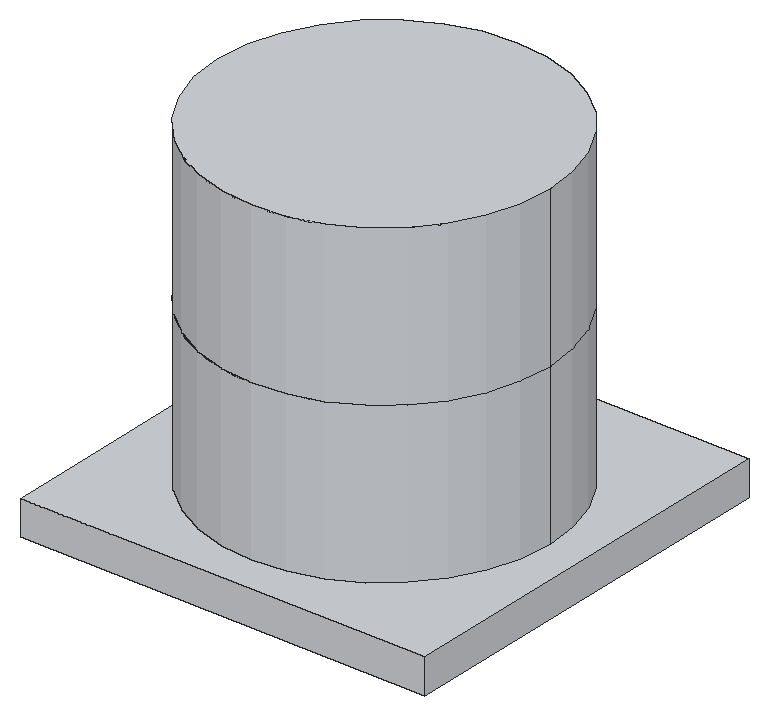
Revit family "Polyurethane Buffer 2xBumper", category Generic Models, Revit 2021
Family settings
  Can host rebar = No
  Round Connector Dimension = Use Diameter
  Part Type = Normal
  Work Plane-Based = No
  Always vertical = Yes
  Cut with Voids When Loaded = No
  Shared = No
  Room Calculation Point = No
Parameters
  LiftBuffer_RatedSpeed = 1.0 m/s
  LiftBuffer_FixedToCar = yes
  LiftBufer_ImpactMassRange = 1500
  Height to First Bumper = Base Plate Thickness + Bumper Height  # 67 mm
  Default Elevation = 0 mm
  Bumper Height = 55 mm
  Bumper Diameter = 115 mm
  Base Plate With = 140 mm
  Base Plate Thickness = 12 mm
  Base Plate Length = 140 mm
Reference planes
  plane 1 "Center (Front/Back)": y = 0
  plane 2: z = 0
  plane 3 "Center (Left/Right)": x = 0
Forms (mm)
  Extrusion 1, solid
    sketch origin (0, 0, 0) x (1, 0, 0) y (0, 1, 0)
      loop
        line (-70, 70) -> (-70, -70) -> (70, -70) -> (70, 70) -> (-70, 70)
    from 0 to 12
  Extrusion 2, solid
    sketch origin (0, 0, 0) x (1, 0, 0) y (0, 1, 0)
      loop
        circle (0, 0) r 57.5
    from 12 <- "Base Plate Thickness" to 67
  Extrusion 3, solid
    sketch origin (0, 0, 0) x (1, 0, 0) y (0, 1, 0)
      loop
        circle (0, 0) r 57.5
    from 67 <- "Height to First Bumper" to 122
Dimensions and locks
  equal spacing: Extrusion 1, plane 3 "Center (Left/Right)", Extrusion 1
  equal spacing: Extrusion 1, plane 1 "Center (Front/Back)", Extrusion 1
  "Base Plate With": Extrusion 1 to Extrusion 1
  "Base Plate Length": Extrusion 1 to Extrusion 1
  "Base Plate Thickness": Extrusion 1 to Extrusion 1
  "Bumper Height": Extrusion 2 to Extrusion 1
  "Bumper Height": Extrusion 3 to Extrusion 3
  "Bumper Diameter": diameter of Extrusion 2 sketch curve
  "Bumper Diameter": diameter of Extrusion 2
  "Bumper Diameter": diameter of Extrusion 3 sketch curve
  aligned and locked: level to plane 2
Automatic sketch dimensions
  Extrusion 1 sketch curve to plane 3 "Center (Left/Right)" = 70 mm
  plane 3 "Center (Left/Right)" to Extrusion 1 sketch curve = 70 mm
  plane 1 "Center (Front/Back)" to Extrusion 1 sketch curve = 70 mm
  Extrusion 1 sketch curve to plane 1 "Center (Front/Back)" = 70 mm
  plane 1 "Center (Front/Back)" to Extrusion 2 sketch curve = 0 mm
  Extrusion 2 sketch curve to plane 3 "Center (Left/Right)" = 0 mm
  plane 1 "Center (Front/Back)" to Extrusion 3 sketch curve = 0 mm
  Extrusion 3 sketch curve to plane 3 "Center (Left/Right)" = 0 mm
